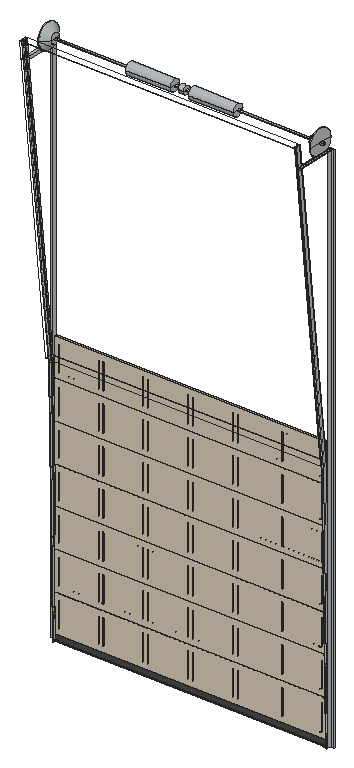
Revit family "Door_Sectional_Clopay_Insulated-VerticalTrack-RaisedPanel", category Doors, host Wall, Revit 2024
Family settings
  Host = Wall
  OmniClass Number = 23.30.10.17.37.14
  OmniClass Title = Sectional Overhead Doors
  Always vertical = Yes
  Cut with Voids When Loaded = No
  Shared = No
  Room Calculation Point = No
Parameters (values of type "ByType")
  intDepth [instance] = (Height + 1' 6") * -1  # -13' - 6"
  Wind Load = ""
  Water Penetration = ""
  Track Offset = 0' - 1"
  Track Material [instance] = Metal - Steel - Clopay - Galvanized
  TorsionWidth = Width + 0' 7"  # 12' - 7"
  Torsion Spring Height above Head [instance] = if(Breakaway Track, 0' 6", 1' 6")  # 0' - 6"
  Sound Transmission Class (STC) = 0
  Revision = "R1_09-2011"
  Rad [instance] = Thickness / 2  # 0' - 0 11/16"
  RO Offset = 0' - 0"
  Panel Type_9 [instance] = Door Panel - Raised : Standard
  Panel Type_8 [instance] = Door Panel - Raised : Standard
  Panel Type_7 [instance] = Door Panel - Raised : Standard
  Panel Type_6 [instance] = Door Panel - Raised : Standard
  Panel Type_5 [instance] = Door Panel - Raised : Standard
  Panel Type_4 [instance] = Door Panel - Raised : Standard
  Panel Type_3 [instance] = Door Panel - Raised : Standard
  Panel Type_2 [instance] = Door Panel - Raised : Standard
  Panel Type_11 [instance] = Door Panel - Raised : Standard
  Panel Type_10 [instance] = Door Panel - Raised : Standard
  Panel Type_1 [instance] = Door Panel - Raised : Standard
  Panel Height = Height / NumPanels  # 1' - 8.57143"
  P9 = NumPanels > 8  # no
  P8 = NumPanels > 7  # no
  P7 = NumPanels > 6  # yes
  P6 = NumPanels > 5  # yes
  P5 = NumPanels > 4  # yes
  P4 = NumPanels > 3  # yes
  P3 = NumPanels > 2  # yes
  P11 = NumPanels > 10  # no
  P10 = NumPanels > 9  # no
  Operator_Jackshaft Right [instance] = no
  Operator_Jackshaft Left [instance] = no
  Opening Width = 12' - 0"
  Opening Height = 12' - 0"
  NumPanels = if(Height < 4' 6", 2, if(Height < 6' 0", 3, if(Height < 7' 6", 4, if(Height < 9' 0", 5, if(Height < 10' 9", 6, if(Height < 12' 6", 7, if(Height < 14' 3", 8, if(Height < 16' 0", 9, if(Height > 17' 9", 10, 11)))))))))  # 7
  Maximum Size = "Consult Clopay Specifications & Shop Drawings"
  Lock Right [instance] = no
  Lock Left [instance] = no
  Jackshaft Offset [instance] = 0' - 5"
  Hardware Finish = Metal - Steel - Clopay - Galvanized
  Function = Interior
  Frame Finish = Metal - Steel - Clopay - Stucco Emboss - Tan
  Double Torsion Shaft [instance] = no
  Door Width = Opening Width + (Track Offset * 2)  # 12' - 2"
  Door Height = Opening Height  # 12' - 0"
  Door Glazing = Glass - Insulated - Clopay - Clear Tempered
  DblWidth = TorsionWidth + 1' 0"  # 13' - 7"
  Building Code Conformance = ""
  Breakaway Track [instance] = yes
  Bottom Astragal Material [instance] = Rubber - Clopay - Black
  Bottom Astragal Height [instance] = 0' - 3 1/2"
  Air Infiltration = ""
  ASTM Conformance = ""
  Panel Width [instance] = Width + (Track Offset * 2)  # 12' - 2"
  Panel Material = Metal - Steel - Clopay - Stucco Emboss - Tan
  Manufacturer Phone = "513-770-4800 "
  Warranty Duration (Years) = 0
  URL = "http://www.clopaydoor.com/"
  Thickness = 0' - 1 3/8"
  Test Data = ""
  Specification = "http://www.arcat.com/sd/clients/clopay.html?coid=31487"
  SpecWizard = "http://www.arcat.com/specwizard/clients/clopay.html?coid=31487"
  Send Message = "http://www.clopaydoor.com/"
  Sales Information = "http://www.clopaydoor.com/contact-us.aspx"
  Rough Width = (Width + (RO Offset * 2))  # 12' - 0"
  Rough Height = (Height + (RO Offset))  # 12' - 0"
  R_Value = 0
  Product Properties = ""
  Product Data = "http://www.arcat.com/arcatcos/cos31/arc31487.html?isac=1&r=1"
  Manufacturer Website = "http://www.arcat.com/users.pl?action=UserEmail&company=Clopay%20Building%20Products%20Company&coid=31487&rep=114&fax=513-770-3519&mf="
  Manufacturer Phone - Toll Free = "800-526-4301 "
  Manufacturer Fax = "513-770-3519"
  Manufacturer Address = "8585 Duke Blvd. Mason, OH 45040-3101"
  Maintenance Schedule (Months) = 0
  Installation-Fabrication = ""
  Installation Phase = ""
  Green Building-LEED = "http://www.arcat.com/green/clients/leed_data_31487.html"
  Model = "As Specified"
  Manufacturer = "Clopay Building Products Company"
  Keynote = "08360"
  Height = Opening Height  # 12' - 0"
  Wall Closure = By host
  Width = Opening Width  # 12' - 0"
  Fire Rating = ""
  Expected Lifespan (Years) = 0
  Drawn By = "Sumex Design, Inc. / Robert S. Weygant, CSI, CDT, SCIP"
  Description = "Clopay Overhead Door as Specified"
  Copyright = "©Arcat Inc."
  Construction Details = "http://www.arcat.com/details/clopay/clopay.html?coid=31487"
  Building Codes = ""
  Assembly Code = "B2030410"
  ADA Compliant = yes
  AAMA Designation = ""
  3" Track [instance] = no
Reference planes (in)
  plane 1 "Center (Front/Back)": y = -34.08725
  plane 2 "Center (Left/Right)": x = 64.28704
  plane 3: z = 0
  plane 4 "Right": x = 136.28704
  plane 5 "Left": x = -7.71296
  plane 6: z = 0
  plane 7 "Top of Frame": z = 144
  plane 8 "RO Top": z = 144
  plane 9 "RO Right": x = 136.28704
  plane 10 "RO Left": x = -7.71296
  plane 11 "Exterior Wall Face": y = -31.08725
  plane 12 "Interior Wall Face": y = -37.08725
  plane 13: x = -8.71296
  plane 14: x = 137.28704
  plane 15: z = 24.07143
  plane 16: z = 44.64286
  plane 17: z = 65.21429
  plane 18: z = 85.78571
  plane 19: z = 106.35714
  plane 20: z = 126.92857
  plane 21: z = 147.5
  plane 22: y = -37.58725
  plane 23: z = 3.5
  plane 24: y = -38.96225
  plane 25: z = 288
  plane 26: z = 168.07143
  plane 27: z = 188.64286
  plane 28: z = 209.21429
  plane 29: z = 294
  plane 30: z = 306
  plane 31: x = -12.71296
  plane 32: x = 141.28704
  plane 33: z = 297
Forms (in)
  Extrusion 1, solid, material "Rubber - Clopay - Black" <- "Bottom Astragal Material"
    sketch origin (-8.71296, -26.43241, 48) x (0, 1, 0) y (0, 0, 1)
      loop
        line (-11.15484, -44.5) -> (-12.52984, -44.5) -> (-12.52984, -47.3125)
        arc (-12.52984, -47.3125) -> (-11.84234, -48) -> (-11.15484, -47.3125) r 0.6875
        line (-11.15484, -47.3125) -> (-11.15484, -44.5)
    from 0 to 146
  Extrusion 2, solid, material "Metal - Steel - Clopay - Galvanized" <- "Hardware Finish", visible <- "Lock Left"
    sketch origin (-270, -38.96225, -0.15636) x (0, 0, -1) y (-1, 0, 0)
      loop
        line (-39.15636, -263.35085) -> (-39.15636, -267.35085) -> (-36.15636, -267.35085) -> (-36.15636, -263.35085) -> (-39.15636, -263.35085)
    from 0 to -1.5
  Extrusion 3, solid, material "Metal - Steel - Clopay - Galvanized" <- "Hardware Finish", visible <- "Lock Right"
    sketch origin (398.57407, -38.96225, -0.15636) x (0, 0, -1) y (-1, 0, 0)
      loop
        line (-39.15636, 263.35085) -> (-36.15636, 263.35085) -> (-36.15636, 267.35085) -> (-39.15636, 267.35085) -> (-39.15636, 263.35085)
    from 0 to -1.5
  Extrusion 4, solid
    sketch origin (138.28704, -59.98895, 299.04277) x (0, 0.994163, 0.107886) y (-1, 0, 0)
      loop
        line (2.98478, 0) -> (2.98478, 148) -> (-1, 148) -> (-1, 0) -> (2.98478, 0)
    from 0 to -162 <- "intDepth"
Lines and regions (in)
  Opening 1
    outline origin (-109.33485, -37.08725, 0) x (1, 0, 0) y (0, 0, 1)
      loop
        line (101.62189, 0) -> (245.62189, 0) -> (245.62189, 144) -> (101.62189, 144) -> (101.62189, 0)
Text (in)
  text "Exterior" at (50.54558, 62.1328, 0), in view "A101 - Plan View"
  text "Interior" at (50.54558, -116.72319, 0), in view "A101 - Plan View"
  text "Exterior" at (0, -17.98638, 123.01588), in view "Right"
  text "Interior" at (0, -64.39139, 123.01588), in view "Right"
  text "Interior" at (0, -52.09468, 121.14095), in view "Left"
  text "Exterior" at (0, 26.35325, 123.00693), in view "Left"
Dimensions and locks (in)
  equal spacing: plane 4 "Right", plane 2 "Center (Left/Right)", plane 5 "Left"
  "Width": plane 5 "Left" to plane 4 "Right"
  "Height": level to plane 7 "Top of Frame"
  "RO Offset": plane 5 "Left" to plane 10 "RO Left"
  "RO Offset": plane 9 "RO Right" to plane 4 "Right"
  "RO Offset": plane 8 "RO Top" to plane 7 "Top of Frame"
  "Track Offset": plane 9 "RO Right" to plane 14
  "Track Offset": plane 13 to plane 5 "Left"
  locked: nested 3 to plane 12 "Interior Wall Face" at 6
  "Panel Height": plane 23 to plane 15
  "Panel Height": plane 15 to plane 16
  "Panel Height": plane 16 to plane 17
  "Panel Height": plane 17 to plane 18
  "Panel Height": plane 18 to plane 19
  "Panel Height": plane 19 to plane 20
  "Panel Height": plane 20 to plane 21
  locked: plane 12 "Interior Wall Face" to plane 22 at 0.5
  "Bottom Astragal Height": level to plane 23
  "Thickness": plane 22 to plane 24
  "Rad": Extrusion 1 sketch curve to level
  Extrusion 2 sketch curve to Extrusion 2 sketch curve to level = 0' - 3" locked, 3' - 0" locked
  Extrusion 3 sketch curve to Extrusion 3 sketch curve to level = 0' - 3" locked, 3' - 0" locked
  "Height": plane 25 to plane 8 "RO Top"
  "Torsion Spring Height above Head": plane 29 to plane 25
  "Panel Height": plane 21 to plane 26
  "Panel Height": plane 26 to plane 27
  "Panel Height": plane 27 to plane 28
  locked: plane 30 to plane 29 at 12
  locked: plane 12 "Interior Wall Face" to nested 15 at 6
  Extrusion 4 sketch curve to Extrusion 4 sketch curve = 0' - 3.98478"
  locked: plane 4 "Right" to Extrusion 4 sketch curve at 2
  locked: Extrusion 4 sketch curve to plane 5 "Left" at 2
  locked: plane 33 to plane 29 at 3
  "Jackshaft Offset": plane 5 "Left" to plane 31
  "Jackshaft Offset": plane 32 to plane 4 "Right"
  "Rad": radius of Extrusion 1 sketch curve
  aligned and locked: host wall to plane 1 "Center (Front/Back)"
  aligned and locked: Opening 1 sketch curve to level
  aligned and locked: plane 9 "RO Right" to Opening 1 sketch curve
  aligned and locked: plane 10 "RO Left" to Opening 1 sketch curve
  aligned and locked: Opening 1 sketch curve to plane 8 "RO Top"
  aligned and locked: host wall to plane 11 "Exterior Wall Face"
  aligned and locked: host wall to plane 12 "Interior Wall Face"
  aligned and locked: nested 1 to plane 13
  aligned and locked: nested 1 to plane 12 "Interior Wall Face"
  aligned and locked: nested 2 to plane 14
  aligned and locked: nested 2 to plane 12 "Interior Wall Face"
  aligned and locked: plane 2 "Center (Left/Right)" to nested 3
  aligned and locked: plane 2 "Center (Left/Right)" to nested 4
  aligned and locked: plane 15 to nested 5
  aligned and locked: plane 16 to nested 6
  aligned and locked: plane 17 to nested 7
  aligned and locked: plane 18 to nested 8
  aligned and locked: plane 19 to nested 9
  aligned and locked: plane 20 to nested 10
  aligned and locked: plane 21 to nested 11
  aligned and locked: plane 23 to nested 4
  aligned and locked: plane 14 to Extrusion 1
  aligned and locked: plane 26 to nested 12
  aligned and locked: plane 27 to nested 13
  aligned and locked: plane 22 to nested 4
  aligned and locked: plane 22 to nested 5
  aligned and locked: plane 22 to nested 6
  aligned and locked: plane 22 to nested 7
  aligned and locked: plane 22 to nested 8
  aligned and locked: plane 22 to nested 9
  aligned and locked: plane 22 to nested 10
  aligned and locked: plane 22 to nested 11
  aligned and locked: nested 12 to plane 22
  aligned and locked: nested 13 to plane 22
  aligned and locked: nested 14 to plane 2 "Center (Left/Right)"
  aligned and locked: nested 14 to plane 28
  aligned and locked: nested 14 to plane 24
  aligned and locked: plane 30 to nested 15
  aligned and locked: plane 29 to nested 3
  aligned and locked: plane 32 to nested 17
  aligned and locked: plane 33 to nested 17
  aligned and locked: plane 33 to nested 16
  aligned and locked: plane 31 to nested 16
Automatic sketch dimensions
  Extrusion 2 sketch curve to plane 5 "Left" = 0' - 5.06381"
  Extrusion 2 sketch curve to plane 5 "Left" = 0' - 1.06381"
  plane 4 "Right" to Extrusion 3 sketch curve = 0' - 1.06381"
  Extrusion 3 sketch curve to Extrusion 3 sketch curve = 0' - 4"
  Extrusion 1 sketch curve to plane 23 = 0' - 0"
  Extrusion 1 sketch curve to plane 24 = 0' - 0"
  nested 2 to Extrusion 4 sketch curve = 0' - 2 15/16"
Nested families (in)
  nested 1: "Track_SectionalDoor_Clopay_Vertical" at (-8.71296, -47.9957, 0), Opening Height <- "Height", Track Material <- "Track Material", 3" Track <- "3" Track", Breakaway <- "Breakaway Track", type "ByType"
    with sptLegth 1' - 9.43686", VertSlope 1.19349°, Vert Travel 0' - 6 1/4", Vert Overall 0' - 8 5/8", TrackHeight 25' - 0", Track Material Metal - Steel - Clopay - Galvanized, TopLength 13' - 8", Opening Height 12' - 0", Breakaway Angle 5.00°, Breakaway yes, BreakOffset 1' - 4.60353", BaseOffset 0' - 2.83333", 3" Track no
  nested 2: "Track_SectionalDoor_Clopay_Vertical" at (137.28704, -47.9957, 0) x (-1, 0, 0) z (0, 0, 1), Opening Height <- "Height", Track Material <- "Track Material", 3" Track <- "3" Track", Breakaway <- "Breakaway Track", type "ByType"
    with sptLegth 1' - 9.43686", VertSlope 1.19349°, Vert Travel 0' - 6 1/4", Vert Overall 0' - 8 5/8", TrackHeight 25' - 0", Track Material Metal - Steel - Clopay - Galvanized, TopLength 13' - 8", Opening Height 12' - 0", Breakaway Angle 5.00°, Breakaway yes, BreakOffset 1' - 4.60353", BaseOffset 0' - 2.83333", 3" Track no
  nested 3: "TorsionAssembly_Vlift" at (64.28704, -43.08725, 294), Material <- "Track Material", Unit Width <- "TorsionWidth", type "Vertical Lift"
    with offset 0' - 0", Unit Width 12' - 7", Material Metal - Steel - Clopay - Galvanized, End Extension 0' - 0"
  nested 4: "Door Panel - Raised" at (64.28704, -38.27475, 3.5), Material - Trim <- "Frame Finish", Material - Panel <- "Panel Material", Glass Type <- "Door Glazing", Unit Width <- "Panel Width", Unit Depth <- "Thickness", type <- "Panel Type_1", Unit Height <- "Panel Height", type "Standard"
    with Void Offset 0' - 0 1/8", Unit Width 12' - 2", Unit Height 1' - 8.57143", Unit Depth 0' - 1 3/8", TB Height 0' - 3.28571", Standard yes, SingleWindow no, Side Width 0' - 2", Panels 6, Panel Width 1' - 9 1/2", Panel Height 1' - 2", Ofst 0' - 0 1/8", MultiWindow yes, Material - Trim Metal - Steel - Clopay - Stucco Emboss - Tan, Material - Panel Metal - Steel - Clopay - Stucco Emboss - Tan, Horizontal Offset 1' - 0", Glass Type Glass - Insulated - Clopay - Clear Tempered, Divs 5, DivWidth 0' - 2 1/2", DivSpace 2' - 0 3/4", DivHeight 1' - 2", Div Actual 5
  nested 5: "Door Panel - Raised" at (64.28704, -38.27475, 24.07143), Material - Trim <- "Frame Finish", Material - Panel <- "Panel Material", Glass Type <- "Door Glazing", Unit Width <- "Panel Width", Unit Depth <- "Thickness", type <- "Panel Type_2", Unit Height <- "Panel Height", type "Standard"
    with Void Offset 0' - 0 1/8", Unit Width 12' - 2", Unit Height 1' - 8.57143", Unit Depth 0' - 1 3/8", TB Height 0' - 3.28571", Standard yes, SingleWindow no, Side Width 0' - 2", Panels 6, Panel Width 1' - 9 1/2", Panel Height 1' - 2", Ofst 0' - 0 1/8", MultiWindow yes, Material - Trim Metal - Steel - Clopay - Stucco Emboss - Tan, Material - Panel Metal - Steel - Clopay - Stucco Emboss - Tan, Horizontal Offset 1' - 0", Glass Type Glass - Insulated - Clopay - Clear Tempered, Divs 5, DivWidth 0' - 2 1/2", DivSpace 2' - 0 3/4", DivHeight 1' - 2", Div Actual 5
  nested 6: "Door Panel - Raised" at (64.28704, -38.27475, 44.64286), Material - Trim <- "Frame Finish", Material - Panel <- "Panel Material", Glass Type <- "Door Glazing", Unit Width <- "Panel Width", Unit Depth <- "Thickness", type <- "Panel Type_3", visible <- "P3", Unit Height <- "Panel Height", type "Standard"
    with Void Offset 0' - 0 1/8", Unit Width 12' - 2", Unit Height 1' - 8.57143", Unit Depth 0' - 1 3/8", TB Height 0' - 3.28571", Standard yes, SingleWindow no, Side Width 0' - 2", Panels 6, Panel Width 1' - 9 1/2", Panel Height 1' - 2", Ofst 0' - 0 1/8", MultiWindow yes, Material - Trim Metal - Steel - Clopay - Stucco Emboss - Tan, Material - Panel Metal - Steel - Clopay - Stucco Emboss - Tan, Horizontal Offset 1' - 0", Glass Type Glass - Insulated - Clopay - Clear Tempered, Divs 5, DivWidth 0' - 2 1/2", DivSpace 2' - 0 3/4", DivHeight 1' - 2", Div Actual 5
  nested 7: "Door Panel - Raised" at (64.28704, -38.27475, 65.21429), Material - Panel <- "Panel Material", Glass Type <- "Door Glazing", Unit Width <- "Panel Width", Unit Depth <- "Thickness", visible <- "P4", type <- "Panel Type_4", Material - Trim <- "Panel Material", Unit Height <- "Panel Height", type "Standard"
    with Void Offset 0' - 0 1/8", Unit Width 12' - 2", Unit Height 1' - 8.57143", Unit Depth 0' - 1 3/8", TB Height 0' - 3.28571", Standard yes, SingleWindow no, Side Width 0' - 2", Panels 6, Panel Width 1' - 9 1/2", Panel Height 1' - 2", Ofst 0' - 0 1/8", MultiWindow yes, Material - Trim Metal - Steel - Clopay - Stucco Emboss - Tan, Material - Panel Metal - Steel - Clopay - Stucco Emboss - Tan, Horizontal Offset 1' - 0", Glass Type Glass - Insulated - Clopay - Clear Tempered, Divs 5, DivWidth 0' - 2 1/2", DivSpace 2' - 0 3/4", DivHeight 1' - 2", Div Actual 5
  nested 8: "Door Panel - Raised" at (64.28704, -38.27475, 85.78571), Material - Trim <- "Frame Finish", Material - Panel <- "Panel Material", Glass Type <- "Door Glazing", Unit Width <- "Panel Width", Unit Depth <- "Thickness", visible <- "P5", type <- "Panel Type_5", Unit Height <- "Panel Height", type "Standard"
    with Void Offset 0' - 0 1/8", Unit Width 12' - 2", Unit Height 1' - 8.57143", Unit Depth 0' - 1 3/8", TB Height 0' - 3.28571", Standard yes, SingleWindow no, Side Width 0' - 2", Panels 6, Panel Width 1' - 9 1/2", Panel Height 1' - 2", Ofst 0' - 0 1/8", MultiWindow yes, Material - Trim Metal - Steel - Clopay - Stucco Emboss - Tan, Material - Panel Metal - Steel - Clopay - Stucco Emboss - Tan, Horizontal Offset 1' - 0", Glass Type Glass - Insulated - Clopay - Clear Tempered, Divs 5, DivWidth 0' - 2 1/2", DivSpace 2' - 0 3/4", DivHeight 1' - 2", Div Actual 5
  nested 9: "Door Panel - Raised" at (64.28704, -38.27475, 106.35714), Material - Trim <- "Frame Finish", Material - Panel <- "Panel Material", Glass Type <- "Door Glazing", Unit Width <- "Panel Width", Unit Depth <- "Thickness", visible <- "P6", type <- "Panel Type_6", Unit Height <- "Panel Height", type "Standard"
    with Void Offset 0' - 0 1/8", Unit Width 12' - 2", Unit Height 1' - 8.57143", Unit Depth 0' - 1 3/8", TB Height 0' - 3.28571", Standard yes, SingleWindow no, Side Width 0' - 2", Panels 6, Panel Width 1' - 9 1/2", Panel Height 1' - 2", Ofst 0' - 0 1/8", MultiWindow yes, Material - Trim Metal - Steel - Clopay - Stucco Emboss - Tan, Material - Panel Metal - Steel - Clopay - Stucco Emboss - Tan, Horizontal Offset 1' - 0", Glass Type Glass - Insulated - Clopay - Clear Tempered, Divs 5, DivWidth 0' - 2 1/2", DivSpace 2' - 0 3/4", DivHeight 1' - 2", Div Actual 5
  nested 10: "Door Panel - Raised" at (64.28704, -38.27475, 126.92857), Material - Trim <- "Frame Finish", Material - Panel <- "Panel Material", Glass Type <- "Door Glazing", Unit Width <- "Panel Width", Unit Depth <- "Thickness", visible <- "P7", type <- "Panel Type_7", Unit Height <- "Panel Height", type "Standard"
    with Void Offset 0' - 0 1/8", Unit Width 12' - 2", Unit Height 1' - 8.57143", Unit Depth 0' - 1 3/8", TB Height 0' - 3.28571", Standard yes, SingleWindow no, Side Width 0' - 2", Panels 6, Panel Width 1' - 9 1/2", Panel Height 1' - 2", Ofst 0' - 0 1/8", MultiWindow yes, Material - Trim Metal - Steel - Clopay - Stucco Emboss - Tan, Material - Panel Metal - Steel - Clopay - Stucco Emboss - Tan, Horizontal Offset 1' - 0", Glass Type Glass - Insulated - Clopay - Clear Tempered, Divs 5, DivWidth 0' - 2 1/2", DivSpace 2' - 0 3/4", DivHeight 1' - 2", Div Actual 5
  nested 11: "Door Panel - Raised" at (64.28704, -38.27475, 147.5), Material - Trim <- "Frame Finish", Material - Panel <- "Panel Material", Glass Type <- "Door Glazing", Unit Width <- "Panel Width", Unit Depth <- "Thickness", visible <- "P8", type <- "Panel Type_8", Unit Height <- "Panel Height", type "Standard"
    with Void Offset 0' - 0 1/8", Unit Width 12' - 2", Unit Height 1' - 8.57143", Unit Depth 0' - 1 3/8", TB Height 0' - 3.28571", Standard yes, SingleWindow no, Side Width 0' - 2", Panels 6, Panel Width 1' - 9 1/2", Panel Height 1' - 2", Ofst 0' - 0 1/8", MultiWindow yes, Material - Trim Metal - Steel - Clopay - Stucco Emboss - Tan, Material - Panel Metal - Steel - Clopay - Stucco Emboss - Tan, Horizontal Offset 1' - 0", Glass Type Glass - Insulated - Clopay - Clear Tempered, Divs 5, DivWidth 0' - 2 1/2", DivSpace 2' - 0 3/4", DivHeight 1' - 2", Div Actual 5
  nested 12: "Door Panel - Raised" at (64.28704, -38.27475, 168.07143), Material - Trim <- "Frame Finish", Material - Panel <- "Panel Material", Glass Type <- "Door Glazing", Unit Width <- "Panel Width", Unit Depth <- "Thickness", visible <- "P9", type <- "Panel Type_9", Unit Height <- "Panel Height", type "Standard"
    with Void Offset 0' - 0 1/8", Unit Width 12' - 2", Unit Height 1' - 8.57143", Unit Depth 0' - 1 3/8", TB Height 0' - 3.28571", Standard yes, SingleWindow no, Side Width 0' - 2", Panels 6, Panel Width 1' - 9 1/2", Panel Height 1' - 2", Ofst 0' - 0 1/8", MultiWindow yes, Material - Trim Metal - Steel - Clopay - Stucco Emboss - Tan, Material - Panel Metal - Steel - Clopay - Stucco Emboss - Tan, Horizontal Offset 1' - 0", Glass Type Glass - Insulated - Clopay - Clear Tempered, Divs 5, DivWidth 0' - 2 1/2", DivSpace 2' - 0 3/4", DivHeight 1' - 2", Div Actual 5
  nested 13: "Door Panel - Raised" at (64.28704, -38.27475, 188.64286), Material - Trim <- "Frame Finish", Material - Panel <- "Panel Material", Glass Type <- "Door Glazing", Unit Width <- "Panel Width", Unit Depth <- "Thickness", visible <- "P10", type <- "Panel Type_10", Unit Height <- "Panel Height", type "Standard"
    with Void Offset 0' - 0 1/8", Unit Width 12' - 2", Unit Height 1' - 8.57143", Unit Depth 0' - 1 3/8", TB Height 0' - 3.28571", Standard yes, SingleWindow no, Side Width 0' - 2", Panels 6, Panel Width 1' - 9 1/2", Panel Height 1' - 2", Ofst 0' - 0 1/8", MultiWindow yes, Material - Trim Metal - Steel - Clopay - Stucco Emboss - Tan, Material - Panel Metal - Steel - Clopay - Stucco Emboss - Tan, Horizontal Offset 1' - 0", Glass Type Glass - Insulated - Clopay - Clear Tempered, Divs 5, DivWidth 0' - 2 1/2", DivSpace 2' - 0 3/4", DivHeight 1' - 2", Div Actual 5
  nested 14: "Door Panel - Raised" at (64.28704, -38.27475, 209.21429), Material - Trim <- "Frame Finish", Material - Panel <- "Panel Material", Glass Type <- "Door Glazing", Unit Width <- "Panel Width", Unit Depth <- "Thickness", visible <- "P11", type <- "Panel Type_11", Unit Height <- "Panel Height", type "Standard"
    with Void Offset 0' - 0 1/8", Unit Width 12' - 2", Unit Height 1' - 8.57143", Unit Depth 0' - 1 3/8", TB Height 0' - 3.28571", Standard yes, SingleWindow no, Side Width 0' - 2", Panels 6, Panel Width 1' - 9 1/2", Panel Height 1' - 2", Ofst 0' - 0 1/8", MultiWindow yes, Material - Trim Metal - Steel - Clopay - Stucco Emboss - Tan, Material - Panel Metal - Steel - Clopay - Stucco Emboss - Tan, Horizontal Offset 1' - 0", Glass Type Glass - Insulated - Clopay - Clear Tempered, Divs 5, DivWidth 0' - 2 1/2", DivSpace 2' - 0 3/4", DivHeight 1' - 2", Div Actual 5
  nested 15: "TorsionAssembly_Vlift" at (64.28704, -43.08725, 306), Material <- "Track Material", Unit Width <- "DblWidth", visible <- "Double Torsion Shaft", type "Vertical Lift"
    with offset 0' - 0", Unit Width 13' - 7", Material Metal - Steel - Clopay - Galvanized, End Extension 0' - 6"
  nested 16: "Opener" at (-18.71296, -37.08725, 285) x (1, 0, 0) z (0, -1, 0), Material <- "Hardware Finish", visible <- "Operator_Jackshaft Left", type "Jackshaft"
    with offset 0' - 0", Material Metal - Steel - Clopay - Galvanized, Unit Width 1' - 0", Unit Depth 1' - 0"
  nested 17: "Opener" at (147.28704, -37.08725, 285) x (1, 0, 0) z (0, -1, 0), Material <- "Hardware Finish", visible <- "Operator_Jackshaft Right", type "Jackshaft"
    with offset 0' - 0", Material Metal - Steel - Clopay - Galvanized, Unit Width 1' - 0", Unit Depth 1' - 0"
Definition of nested family "Track_SectionalDoor_Clopay_Vertical"
  Parameters
    sptLegth [instance] = BaseOffset + BreakOffset + 0' 2"  # 1' - 6.33239"
    Width = 0' - 0"
    Warranty Duration (Years) = 0
    VertSlope [instance] = atan(0.25 / 12)  # 1.19349°
    Vert Travel [instance] = (TrackHeight) * tan(VertSlope)  # 0' - 5 1/4"
    Vert Overall [instance] = Vert Travel + 0' 2 3/8"  # 0' - 7 5/8"
    URL = "http://www.clopaydoor.com/"
    TrackHeight [instance] = TopLength + (Opening Height - 0' 8")  # 21' - 0"
    Track Material [instance] = none
    TopLength [instance] = if(Breakaway Angle = 0.00°, Opening Height + 0' 8" + 0' 1", Opening Height + 0' 8" + 1' 0")  # 11' - 8"
    Thickness = 0' - 0"
    Specification = "http://www.arcat.com/sd/clients/clopay.html?coid=31487"
    SpecWizard = "http://www.arcat.com/specwizard/clients/clopay.html?coid=31487"
    Send Message = "http://www.arcat.com/users.pl?action=UserEmail&company=Clopay%20Building%20Products%20Company&coid=31487&rep=114&fax=513-770-3519&mf="
    Sales Information = "http://www.clopaydoor.com/contact-us.aspx"
    Revision = "R1_09-2011"
    Product Properties = ""
    Product Data = "http://www.arcat.com/arcatcos/cos31/arc31487.html?isac=1&r=1"
    Opening Height [instance] = 10' - 0"
    Model = "As Specified"
    Manufacturer Website = "http://www.clopaydoor.com/"
    Manufacturer Phone - Toll Free = "800-526-4301"
    Manufacturer Phone = "513-770-4800"
    Manufacturer Fax = "513-770-3519"
    Manufacturer Address = "8585 Duke Blvd. Manson, OH 45040-3101"
    Manufacturer = "Clopay Building Products Company"
    Maintenance Schedule (Months) = 0
    Keynote = "08360"
    Installation-Fabrication = ""
    Installation Phase = ""
    Height = 0' - 0"
    Green Building-LEED = "http://www.arcat.com/green/clients/leed_data_31487.html"
    Expected Lifespan (Years) = 0
    Drawn By = "Sumex Design, Inc. / Robert S. Weygant, CSI, CDT, SCIP"
    Description = "Clopay Door as Specified"
    Copyright = "©Arcat Inc."
    Construction Details = "http://www.arcat.com/details/clopay/clopay.html?coid=31487"
    Breakaway Angle [instance] = if(Breakaway, 5.00°, 0.00°)  # 5.00°
    Breakaway [instance] = yes
    BreakOffset [instance] = (TrackHeight - 0' 11" - Opening Height + 0' 8") * tan(VertSlope + Breakaway Angle)  # 1' - 1.99905"
    BaseOffset [instance] = (Opening Height - 0' 8") * tan(VertSlope)  # 0' - 2.33333"
    3" Track [instance] = no
    Assembly Code = "B2030410"
  Reference planes (in)
    plane 1 "Center (Front/Back)": y = 10.90846
    plane 2: z = 0
    plane 3 "Center (Left/Right)": x = 0
    plane 4: z = 0
    plane 5: z = 0
    plane 6: z = 0
    plane 7: z = 0
    plane 8: z = 0
    plane 9: y = 3.28346
    plane 10 "Bracket": x = -1
    plane 11: z = 120
    plane 12: z = 252
    plane 13: y = 8.53346
    plane 14: z = 112
  Forms (in)
    Sweep 1, solid, material <- "Track Material"
      path origin (-1, 4.05509, 48) x (0, 1, 0) y (0, 0, 1)
        loop
          line (4.47835, -47.99915) -> (2.14503, 64) -> (-12.95906, 203.18285)
      profile "P_Track : P_Track" origin (-1, 7.36678, 56.00043) x (0, -0.999783, -0.020829) y (1, 0, 0)
        loop
          line (-2, 1) -> (-2, 0) -> (-0.62484, 0) -> (-0.20263, 0.18798)
          arc (-0.20263, 0.18798) -> (0, 0.5) -> (-0.20263, 0.81202) r 0.34155
          line (-0.20263, 0.81202) -> (-0.48052, 0.93574) -> (-0.50594, 0.87865) -> (-0.22805, 0.75492)
          arc (-0.22805, 0.75492) -> (-0.0625, 0.5) -> (-0.22805, 0.24508) r 0.27905
          line (-0.22805, 0.24508) -> (-0.63812, 0.0625) -> (-1.9375, 0.0625) -> (-1.9375, 1) -> (-2, 1)
    Extrusion 2, solid, material <- "Track Material"
      sketch origin (0, 0, 0) x (1, 0, 0) y (0, 1, 0)
        loop
          line (-1, 10.90846) -> (-3.25, 10.90846) -> (-3.25, 10.78346) -> (-1.125, 10.78346) -> (-1.125, 9.28346) -> (-1, 9.28346) -> (-1, 10.90846)
      from 0 to 241
    Sweep 3, solid, material <- "Track Material"
      path origin (-1, 4.05509, 48) x (0, 1, 0) y (0, 0, 1)
        loop
          line (-11.47902, 193) -> (6.72837, 193)
      profile origin (-1, 1.67976, 241) x (0, 0, 1) y (1, 0, 0)
        loop
          line (0, 0) -> (-1.48699, 0) -> (-1.48699, -0.125) -> (-0.11199, -0.125) -> (-0.11199, -1.5) -> (0, -1.5) -> (0, 0)
  Lines and regions (in)
    reference lines
      curve 1: line (-1, 8.53346, 0) -> (-1, 5.57576, 141.96919)
      curve 2: line (-1, 6.20012, 112) -> (-1, 0.48214, 164.69065)
      curve 3: line (-1, 6.20012, 112) -> (-1, 4.2118, 111.78423)
  Dimensions and locks (in)
    equal spacing: plane 4, plane 5, plane 6, plane 7, plane 8, level
    "Height": plane 4 to level
    locked: plane 10 "Bracket" to plane 3 "Center (Left/Right)" at 1
    "Opening Height": plane 11 to level
    "Vert Overall": plane 1 "Center (Front/Back)" to plane 9
    locked: plane 13 to plane 1 "Center (Front/Back)" at 2.375
    locked: plane 12 to Extrusion 2 at 11
    "TrackHeight": plane 12 to level
    locked: plane 12 to Sweep 3 sketch curve at 11
    locked: plane 11 to plane 14 at 8
    "TopLength": curve 3 to Sweep 1 sketch curve
    "sptLegth": plane 1 "Center (Front/Back)" to Sweep 3 sketch curve
    "VertSlope": angle curve 1 to plane 13
    "Breakaway Angle": angle curve 2 to curve 1
    aligned and locked: curve 1 to Sweep 1 sketch curve
    aligned and locked: Sweep 1 sketch curve to curve 2
  Automatic sketch dimensions
    Extrusion 2 sketch curve to plane 1 "Center (Front/Back)" = 0' - 0"
    Extrusion 2 sketch curve to plane 10 "Bracket" = 0' - 0"
    Extrusion 2 sketch curve to Extrusion 2 sketch curve = 0' - 0 1/8"  (x2)
    Extrusion 2 sketch curve to Extrusion 2 sketch curve = 0' - 2 1/8"
    plane 13 to Extrusion 2 sketch curve = 0' - 0 3/4"
    plane 1 "Center (Front/Back)" to Sweep 3 sketch curve = 0' - 0 1/8"
    Sweep 3 sketch curve to plane 10 "Bracket" = 0' - 0"
    Sweep 3 sketch curve to profile plane = 0' - 0"
    profile plane to Sweep 3 sketch curve = 0' - 0.11199"
    Sweep 3 sketch curve to plane 10 "Bracket" = 0' - 0 1/8"
    Sweep 3 sketch curve to Sweep 3 sketch curve = 0' - 1 3/8"  (x2)
    curve 2 to plane 14 = 0' - 0"
    curve 1 to level = 0' - 0"
    curve 1 to plane 13 = 0' - 0"
    Sweep 1 sketch curve to plane 13 = 0' - 0"
    curve 3 to curve 2 = 0' - 0"  (x2)
    curve 2 to curve 3 = 0' - 2"
Definition of nested family "TorsionAssembly_Vlift"
  Parameters
    offset [instance] = 0' - 0"
    Warranty Duration (Years) = 0
    Vertical Lift = yes
    Unit Width [instance] = 12' - 0"
    Unit Height = 0' - 9 1/2"
    Unit Depth = Unit Height  # 0' - 9 1/2"
    URL = "http://www.clopaydoor.com/"
    Standard = no
    Spring Width = 2' - 0"
    Specification = "http://www.arcat.com/sd/clients/clopay.html?coid=31487"
    SpecWizard = "http://www.arcat.com/specwizard/clients/clopay.html?coid=31487"
    Send Message = "http://www.arcat.com/users.pl?action=UserEmail&company=Clopay%20Building%20Products%20Company&coid=31487&rep=114&fax=513-770-3519&mf="
    Sales Information = "http://www.clopaydoor.com/contact-us.aspx"
    Revision = "R1_09-2011"
    Product Properties = ""
    Product Data = "http://www.arcat.com/arcatcos/cos31/arc31487.html?isac=1&r=1"
    Model = "As Specified"
    Material [instance] = none
    Manufacturer Website = "http://www.clopaydoor.com/"
    Manufacturer Phone - Toll Free = "800-526-4301 "
    Manufacturer Phone = "513-770-4800 "
    Manufacturer Fax = "513-770-3519"
    Manufacturer Address = "8585 Duke Blvd. Mason, OH 45040-3101"
    Manufacturer = "Clopay Building Products Company"
    Maintenance Schedule (Months) = 0
    Keynote = "08360"
    Installation-Fabrication = ""
    Installation Phase = ""
    High Lift = no
    Green Building-LEED = "http://www.arcat.com/green/clients/leed_data_31487.html"
    Expected Lifespan (Years) = 0
    End Extension [instance] = 0' - 0"
    Drawn By = "Sumex Design, Inc. / Robert S. Weygant, CSI, CDT, SCIP"
    Description = "Clopay Door as Specified"
    Copyright = "©Arcat Inc."
    Construction Details = "http://www.arcat.com/details/clopay/clopay.html?coid=31487"
    Assembly Code = "B2030410"
  Reference planes (in)
    plane 1 "Center (Front/Back)": y = 0
    plane 2 "Bottom": z = 0
    plane 3 "Center (Left/Right)": x = 0
    plane 4 "Front": y = -4.75
    plane 5 "Back": y = 4.75
    plane 6 "Left": x = -72
    plane 7 "Right": x = 72
    plane 8 "Top": z = 4.75
    plane 9: z = -4.75
    plane 10: x = -5
    plane 11: x = 5
    plane 12: x = -29
    plane 13: x = 29
    plane 14: x = 66
    plane 15: x = -66
  Forms (in)
    Revolve 1, solid, material <- "Material", visible <- "Vertical Lift"
      sketch origin (0, 0, 0) x (1, 0, 0) y (0, 1, 0)
        loop
          line (72, 0) -> (72, 0.5) -> (70, 0.5) -> (70, 6.75) -> (69.5, 6.75) -> (66.33203, 2.5) -> (66, 2.5) -> (66, 0.5) -> (29, 0.5) -> (29, 3) -> (5, 3) -> (5, 0.5) -> (1.375, 0.5) -> (1.375, 2) -> (-1.375, 2) -> (-1.375, 0.5) -> (-5, 0.5) -> (-5, 3) -> (-29, 3) -> (-29, 0.5) -> (-66, 0.5) -> (-66, 2.5) -> (-66.33203, 2.5) -> (-69.5, 6.75) -> (-70, 6.75) -> (-70, 0.5) -> (-72, 0.5) -> (-72, 0) -> (72, 0)
        axis (-72, 0) -> (72, 0)
      angle from 0 to 360
  Dimensions and locks (in)
    equal spacing: plane 6 "Left", plane 3 "Center (Left/Right)", plane 7 "Right"
    "Unit Width": plane 6 "Left" to plane 7 "Right"
    equal spacing: plane 5 "Back", plane 1 "Center (Front/Back)", plane 4 "Front"
    "Unit Depth": plane 5 "Back" to plane 4 "Front"
    equal spacing: plane 8 "Top", level, plane 9
    "Unit Height": plane 8 "Top" to plane 9
    plane 10 to plane 3 "Center (Left/Right)" to plane 11 = 0' - 5" locked, 0' - 5" locked
    "Spring Width": plane 11 to plane 13
    "Spring Width": plane 12 to plane 10
    "End Extension": Revolve 1 sketch curve to plane 6 "Left"
    "End Extension": plane 7 "Right" to Revolve 1 sketch curve
    locked: plane 6 "Left" to plane 15 at 6
    plane 14 to plane 7 "Right" = 0' - 6"
  Automatic sketch dimensions
    Revolve 1 sketch curve to plane 1 "Center (Front/Back)" = 0' - 0"  (x2)
    Revolve 1 sketch curve to plane 15 = 0' - 0"
    Revolve 1 sketch curve to plane 12 = 0' - 0"
    Revolve 1 sketch curve to plane 10 = 0' - 0"
    Revolve 1 sketch curve to plane 11 = 0' - 0"
    Revolve 1 sketch curve to plane 13 = 0' - 0"
    Revolve 1 sketch curve to plane 14 = 0' - 0"
    Revolve 1 sketch curve to Revolve 1 sketch curve = 0' - 9 3/4"
    Revolve 1 sketch curve to plane 1 "Center (Front/Back)" = 0' - 0 1/2"  (x6)
    Revolve 1 sketch curve to plane 3 "Center (Left/Right)" = 0' - 1 3/8"
    plane 3 "Center (Left/Right)" to Revolve 1 sketch curve = 0' - 1 3/8"
    Revolve 1 sketch curve to Revolve 1 sketch curve = 1' - 0 3/4"
    Revolve 1 sketch curve to Revolve 1 sketch curve = 0' - 1 1/2"
    Revolve 1 sketch curve to plane 5 "Back" = 0' - 1 3/4"  (x2)
    Revolve 1 sketch curve to plane 7 "Right" = 0' - 2"
    Revolve 1 sketch curve to plane 14 = 0' - 0 85/256"
    Revolve 1 sketch curve to Revolve 1 sketch curve = 0' - 0 1/2"  (x2)
    Revolve 1 sketch curve to Revolve 1 sketch curve = 0' - 2"  (x2)
    plane 5 "Back" to Revolve 1 sketch curve = 0' - 2"  (x2)
    plane 6 "Left" to Revolve 1 sketch curve = 0' - 2"
    Revolve 1 sketch curve to Revolve 1 sketch curve = 0' - 0 85/256"
Definition of nested family "Door Panel - Raised"
  Parameters
    offset = 0' - 9"
    Warranty Duration (Years) = 0
    Void Offset [instance] = if(Divs > 1, 0' 0 1/8", 0' 2")  # 0' - 0 1/8"
    Vision Panels = no
    TB Height [instance] = (Unit Height - 1' 2") / 2  # 0' - 4"
    Standard [instance] = not(Vision Panels)  # yes
    Side Width [instance] = 0' - 2"
    Panels [instance] = if(Unit Width < 6' 2", 2, if(Unit Width < 8' 0", 3, if(Unit Width < 10' 0", 4, if(Unit Width < 12' 0", 5, if(Unit Width < 14' 0", 6, if(Unit Width < 16' 0", 7, if(Unit Width < 19' 0", 8, if(Unit Width < 20' 0", 9, if(Unit Width < 24' 0", 10, 12)))))))))  # 6
    Panel Width [instance] = 1' - 9 1/2"  # constant formula
    Panel Height [instance] = 1' - 2"  # constant formula
    Ofst [instance] = if(Vision Panels, 0' 0", 0' 0 1/8")  # 0' - 0 1/8"
    Material - Trim [instance] = none
    Horizontal Offset [instance] = (Panel Width / 2) + (DivWidth / 2)  # 1' - 1.6"
    Divs [instance] = Panels - 1  # 5
    DivSpace [instance] = Panel Width + Side Width + (DivWidth / 2)  # 2' - 2.35"
    Div Actual [instance] = if(Divs > 1, Divs, 2)  # 5
    Unit Width [instance] = 13' - 6"
    Unit Height [instance] = 1' - 10"
    Unit Depth [instance] = 0' - 2"
    URL = "http://www.clopaydoor.com/"
    Specification = "http://www.arcat.com/sd/clients/clopay.html?coid=31487"
    SpecWizard = "http://www.arcat.com/specwizard/clients/clopay.html?coid=31487"
    SingleWindow [instance] = Divs = 1  # no
    Send Message = "http://www.arcat.com/users.pl?action=UserEmail&company=Clopay%20Building%20Products%20Company&coid=31487&rep=114&fax=513-770-3519&mf="
    Sales Information = "http://www.clopaydoor.com/contact-us.aspx"
    Revision = "R1_09-2011"
    Product Properties = ""
    Product Data = "http://www.arcat.com/arcatcos/cos31/arc31487.html?isac=1&r=1"
    MultiWindow [instance] = Divs > 1  # yes
    Model = "As Specified"
    Material - Panel [instance] = none
    Manufacturer Website = "http://www.clopaydoor.com/"
    Manufacturer Phone - Toll Free = "800-526-4301 "
    Manufacturer Phone = "513-770-4800 "
    Manufacturer Fax = "513-770-3519"
    Manufacturer Address = "8585 Duke Blvd. Mason, OH 45040-3101"
    Manufacturer = "Clopay Building Products Company"
    Maintenance Schedule (Months) = 0
    Keynote = "08330"
    Installation-Fabrication = ""
    Installation Phase = ""
    Green Building-LEED = "http://www.arcat.com/green/clients/leed_data_31487.html"
    Glass Type [instance] = none
    Expected Lifespan (Years) = 0
    Drawn By = "Sumex Design, Inc. / Robert S. Weygant, CSI, CDT, SCIP"
    DivWidth [instance] = (Unit Width - 0' 4 1/2" - (1' 9 1/2" * Panels)) / Divs  # 0' - 5.7"
    DivHeight [instance] = Unit Height - (TB Height * 2)  # 1' - 2"
    Description = "Clopay Door as Specified"
    Copyright = "©Arcat Inc."
    Construction Details = "http://www.arcat.com/details/clopay/clopay.html?coid=31487"
    Assembly Code = "B2030420"
  Reference planes (in)
    plane 1 "Center (Front/Back)": y = 0
    plane 2 "Bottom": z = 0
    plane 3 "Center (Left/Right)": x = 0
    plane 4 "Front": y = -1
    plane 5 "Back": y = 1
    plane 6 "Left": x = -81
    plane 7 "Right": x = 81
    plane 8 "Top": z = 22
    plane 9: z = 11
    plane 10: x = -54.65
    plane 11: x = 54.65
    plane 12: y = -1.125
    plane 13: x = -79
    plane 14: x = 79
    plane 15: z = 18
    plane 16: z = 4
  Forms (in)
    Sweep 1, solid, material <- "Material - Panel"
      path origin (0, 0, 0) x (1, 0, 0) y (0, 0, 1)
        loop
          line (-81, 22) -> (81, 22)
      profile origin (0, 0, 22) x (0, 0, 1) y (0, -1, 0)
        loop
          line (0, -0.875) -> (0, 1) -> (-4, 1) -> (-4, 0.75) -> (-4.25, 0.75) -> (-4.25, -0.75) -> (-4, -0.75) -> (-4, -0.875) -> (0, -0.875)
    Extrusion 2, solid, material <- "Material - Panel", visible <- "Standard"
      sketch origin (-11.94222, 1, 48) x (-1, 0, 0) y (0, 0, 1)
        loop
          line (69.05778, -26) -> (-92.94222, -26) -> (-92.94222, -48) -> (69.05778, -48) -> (69.05778, -26)
      from 0 to -0.125
    Sweep 3, solid, material <- "Material - Panel"
      path origin (0, 0, 0) x (1, 0, 0) y (0, 0, 1)
        loop
          line (-81, 0) -> (-81, 22)
      profile origin (-81, 0, 11) x (-1, 0, 0) y (0, -1, 0)
        loop
          line (0, -0.875) -> (0, 1) -> (-2, 1) -> (-2, 0.75) -> (-2.25, 0.75) -> (-2.25, -0.75) -> (-2, -0.75) -> (-2, -0.875) -> (0, -0.875)
    Sweep 4, solid, material <- "Material - Panel"
      path origin (0, 0, 0) x (1, 0, 0) y (0, 0, 1)
        loop
          line (-81, 0) -> (81, 0)
      profile origin (0, 0, 0) x (0, 0, 1) y (0, -1, 0)
        loop
          line (0, -0.875) -> (4, -0.875) -> (4, -0.75) -> (4.25, -0.75) -> (4.25, 0.75) -> (4, 0.75) -> (4, 1) -> (0, 1) -> (0, -0.875)
    Sweep 5, solid, material <- "Material - Panel"
      path origin (0, 0, 0) x (1, 0, 0) y (0, 0, 1)
        loop
          line (81, 0) -> (81, 22)
      profile origin (81, 0, 11) x (-1, 0, 0) y (0, -1, 0)
        loop
          line (0, -0.875) -> (2, -0.875) -> (2, -0.75) -> (2.25, -0.75) -> (2.25, 0.75) -> (2, 0.75) -> (2, 1) -> (0, 1) -> (0, -0.875)
  Cuts and joins
    joined: Sweep 1, Sweep 3, Sweep 4, Sweep 5
  Dimensions and locks (in)
    equal spacing: plane 6 "Left", plane 3 "Center (Left/Right)", plane 7 "Right"
    "Unit Width": plane 6 "Left" to plane 7 "Right"
    equal spacing: plane 5 "Back", plane 1 "Center (Front/Back)", plane 4 "Front"
    "Unit Depth": plane 5 "Back" to plane 4 "Front"
    "Unit Height": plane 8 "Top" to level
    equal spacing: plane 8 "Top", plane 9, level
    "DivSpace": plane 10 to plane 6 "Left"
    "DivSpace": plane 7 "Right" to plane 11
    "Void Offset": plane 4 "Front" to plane 12
    locked: plane 5 "Back" to Sweep 1 sketch curve at 0.25
    locked: Sweep 1 sketch curve to plane 4 "Front" at 0.25
    equal spacing: group 1, group 3, group 8, group 10, group 2  (x2)
    equal spacing: group 2, group 10, group 8, group 3, group 1
    equal spacing: group 4, group 6, group 7, group 9, group 11, group 5  (x3)
    "Horizontal Offset": plane 10 to nested 5
    "Horizontal Offset": nested 6 to plane 11
    "Ofst": plane 5 "Back" to Sweep 1 sketch curve
    "Side Width": plane 14 to plane 7 "Right"
    "Side Width": plane 6 "Left" to plane 13
    locked: plane 13 to Sweep 3 sketch curve at 0.25
    locked: Sweep 5 sketch curve to plane 14 at 0.25
    "TB Height": plane 16 to level
    "TB Height": plane 8 "Top" to plane 15
    locked: plane 15 to Sweep 1 sketch curve at 0.25
    locked: Sweep 4 sketch curve to plane 16 at 0.25
    "TB Height": nested 1 to level
    "Ofst": plane 5 "Back" to Sweep 4 sketch curve
    locked: plane 5 "Back" to Sweep 4 sketch curve at 0.25
    locked: Sweep 4 sketch curve to plane 4 "Front" at 0.25
    locked: Sweep 3 sketch curve to plane 4 "Front" at 0.25
    "Ofst": plane 5 "Back" to Sweep 3 sketch curve
    locked: plane 5 "Back" to Sweep 3 sketch curve at 0.25
    locked: Sweep 5 sketch curve to plane 4 "Front" at 0.25
    "Ofst": plane 5 "Back" to Sweep 5 sketch curve
    locked: plane 5 "Back" to Sweep 5 sketch curve at 0.25
    aligned and locked: plane 4 "Front" to Sweep 1 sketch curve
    aligned and locked: plane 10 to nested 2
    aligned and locked: plane 11 to nested 3
    aligned and locked: plane 1 "Center (Front/Back)" to nested 3
    aligned and locked: plane 1 "Center (Front/Back)" to nested 2
    aligned and locked: plane 1 "Center (Front/Back)" to nested 1
    aligned and locked: plane 3 "Center (Left/Right)" to nested 1
    aligned and locked: plane 9 to nested 5
    aligned and locked: nested 6 to plane 9
    aligned and locked: nested 5 to plane 1 "Center (Front/Back)"
    aligned and locked: plane 1 "Center (Front/Back)" to nested 6
    aligned and locked: Sweep 3 sketch curve to plane 13
    aligned and locked: plane 13 to Sweep 3 sketch curve
    aligned and locked: plane 14 to Sweep 5 sketch curve
    aligned and locked: Sweep 5 sketch curve to plane 14
    aligned and locked: Sweep 1 sketch curve to plane 15
    aligned and locked: plane 16 to Sweep 4 sketch curve
    aligned and locked: Sweep 4 sketch curve to plane 16
    aligned and locked: plane 16 to nested 3
    aligned and locked: plane 16 to nested 2
    aligned and locked: Sweep 4 sketch curve to plane 4 "Front"
    aligned and locked: Sweep 3 sketch curve to plane 4 "Front"
    aligned and locked: Sweep 5 sketch curve to plane 4 "Front"
  Automatic sketch dimensions
    Extrusion 2 sketch curve to plane 7 "Right" = 0' - 0"
    Extrusion 2 sketch curve to level = 0' - 0"
    Extrusion 2 sketch curve to plane 6 "Left" = 0' - 0"
    Extrusion 2 sketch curve to plane 8 "Top" = 0' - 0"
    Sweep 1 sketch curve to plane 6 "Left" = 0' - 0"
    Sweep 1 sketch curve to plane 7 "Right" = 0' - 0"
    Sweep 1 sketch curve to plane 8 "Top" = 0' - 0"
    Sweep 3 sketch curve to plane 8 "Top" = 0' - 0"
    Sweep 3 sketch curve to profile plane = 0' - 0"
    Sweep 3 sketch curve to plane 6 "Left" = 0' - 0"
    Sweep 3 sketch curve to level = 0' - 0"
    Sweep 4 sketch curve to level = 0' - 0"
    Sweep 4 sketch curve to plane 6 "Left" = 0' - 0"
    Sweep 4 sketch curve to plane 7 "Right" = 0' - 0"
    Sweep 4 sketch curve to profile plane = 0' - 0"
    Sweep 5 sketch curve to plane 7 "Right" = 0' - 0"
    Sweep 5 sketch curve to level = 0' - 0"
    Sweep 5 sketch curve to plane 8 "Top" = 0' - 0"
    Sweep 5 sketch curve to profile plane = 0' - 0"
    Sweep 1 sketch curve to profile plane = 0' - 0"
    Sweep 1 sketch curve to Sweep 1 sketch curve = 0' - 0"
  Nested families (in)
    nested 1: "Divider" at (0, 0, 4), Material <- "Material - Panel", Unit Width <- "DivWidth", Unit Height <- "DivHeight", Door Thickness <- "Unit Depth", visible <- "SingleWindow", type "Vision Panel"
      with offset 0' - 0", Unit Width 0' - 5.7", Unit Height 1' - 2", Material none, Frame Material none, Door Thickness 0' - 2", Back Offset 0' - 0 5/64"
    nested 2: "Divider" at (-54.65, 0, 4), Material <- "Material - Panel", Unit Width <- "DivWidth", Unit Height <- "DivHeight", Door Thickness <- "Unit Depth", visible <- "MultiWindow", Back Offset <- "Ofst", type "Vision Panel"
      with offset 0' - 0", Unit Width 0' - 5.7", Unit Height 1' - 2", Material none, Frame Material none, Door Thickness 0' - 2", Back Offset 0' - 0 1/8"
    nested 3: "Divider" at (54.65, 0, 4), Material <- "Material - Panel", Unit Width <- "DivWidth", Unit Height <- "DivHeight", Door Thickness <- "Unit Depth", visible <- "MultiWindow", Back Offset <- "Ofst", type "Vision Panel"
      with offset 0' - 0", Unit Width 0' - 5.7", Unit Height 1' - 2", Material none, Frame Material none, Door Thickness 0' - 2", Back Offset 0' - 0 1/8"
    nested 4: "Divider" at (-27.325, 0, 4), Material <- "Material - Panel", Unit Width <- "DivWidth", Unit Height <- "DivHeight", Door Thickness <- "Unit Depth", visible <- "MultiWindow", Back Offset <- "Ofst", type "Vision Panel"
      with offset 0' - 0", Unit Width 0' - 5.7", Unit Height 1' - 2", Material none, Frame Material none, Door Thickness 0' - 2", Back Offset 0' - 0 1/8"
    nested 5: "RaisedPanel" at (-68.25, 0, 11), Vision <- "Vision Panels", Panel Material <- "Material - Panel", Glass Type <- "Glass Type", Unit Width <- "Panel Width", Unit Height <- "Panel Height", Door Thickness <- "Unit Depth", type "Default"
      with offset 0' - 0", Vision no, Unit Width 1' - 9 1/2", Unit Height 1' - 2", Standard yes, Panel Material none, Glass Type none, Door Thickness 0' - 2"
    nested 6: "RaisedPanel" at (68.25, 0, 11), Vision <- "Vision Panels", Panel Material <- "Material - Panel", Glass Type <- "Glass Type", Unit Width <- "Panel Width", Unit Height <- "Panel Height", Door Thickness <- "Unit Depth", type "Default"
      with offset 0' - 0", Vision no, Unit Width 1' - 9 1/2", Unit Height 1' - 2", Standard yes, Panel Material none, Glass Type none, Door Thickness 0' - 2"
    nested 7: "RaisedPanel" at (-40.95, 0, 11), Vision <- "Vision Panels", Panel Material <- "Material - Panel", Glass Type <- "Glass Type", Unit Width <- "Panel Width", Unit Height <- "Panel Height", Door Thickness <- "Unit Depth", type "Default"
      with offset 0' - 0", Vision no, Unit Width 1' - 9 1/2", Unit Height 1' - 2", Standard yes, Panel Material none, Glass Type none, Door Thickness 0' - 2"
    nested 8: "RaisedPanel" at (-13.65, 0, 11), Vision <- "Vision Panels", Panel Material <- "Material - Panel", Glass Type <- "Glass Type", Unit Width <- "Panel Width", Unit Height <- "Panel Height", Door Thickness <- "Unit Depth", type "Default"
      with offset 0' - 0", Vision no, Unit Width 1' - 9 1/2", Unit Height 1' - 2", Standard yes, Panel Material none, Glass Type none, Door Thickness 0' - 2"
    nested 9: "Divider" at (0, 0, 4), Material <- "Material - Panel", Unit Width <- "DivWidth", Unit Height <- "DivHeight", Door Thickness <- "Unit Depth", visible <- "MultiWindow", Back Offset <- "Ofst", type "Vision Panel"
      with offset 0' - 0", Unit Width 0' - 5.7", Unit Height 1' - 2", Material none, Frame Material none, Door Thickness 0' - 2", Back Offset 0' - 0 1/8"
    nested 10: "RaisedPanel" at (13.65, 0, 11), Vision <- "Vision Panels", Panel Material <- "Material - Panel", Glass Type <- "Glass Type", Unit Width <- "Panel Width", Unit Height <- "Panel Height", Door Thickness <- "Unit Depth", type "Default"
      with offset 0' - 0", Vision no, Unit Width 1' - 9 1/2", Unit Height 1' - 2", Standard yes, Panel Material none, Glass Type none, Door Thickness 0' - 2"
    nested 11: "Divider" at (27.325, 0, 4), Material <- "Material - Panel", Unit Width <- "DivWidth", Unit Height <- "DivHeight", Door Thickness <- "Unit Depth", visible <- "MultiWindow", Back Offset <- "Ofst", type "Vision Panel"
      with offset 0' - 0", Unit Width 0' - 5.7", Unit Height 1' - 2", Material none, Frame Material none, Door Thickness 0' - 2", Back Offset 0' - 0 1/8"
    nested 12: "RaisedPanel" at (40.95, 0, 11), Vision <- "Vision Panels", Panel Material <- "Material - Panel", Glass Type <- "Glass Type", Unit Width <- "Panel Width", Unit Height <- "Panel Height", Door Thickness <- "Unit Depth", type "Default"
      with offset 0' - 0", Vision no, Unit Width 1' - 9 1/2", Unit Height 1' - 2", Standard yes, Panel Material none, Glass Type none, Door Thickness 0' - 2"
  Definition of nested family "Divider"
    Parameters
      offset [instance] = 0' - 0"
      Warranty Duration (Years) = 0
      Unit Width [instance] = 0' - 2"
      Unit Height [instance] = 1' - 0"
      URL = "http://www.clopaydoor.com/"
      Thickness = 0' - 0 1/4"
      Specification = "http://www.arcat.com/sd/clients/clopay.html?coid=31487"
      SpecWizard = "http://www.arcat.com/specwizard/clients/clopay.html?coid=31487"
      Send Message = "http://www.arcat.com/users.pl?action=UserEmail&company=Clopay%20Building%20Products%20Company&coid=31487&rep=114&fax=513-770-3519&mf="
      Sales Information = "http://www.clopaydoor.com/contact-us.aspx"
      Revision = "R1_09-2011"
      Product Properties = ""
      Product Data = "http://www.arcat.com/arcatcos/cos31/arc31487.html?isac=1&r=1"
      Model = "As Specified"
      Material [instance] = none
      Manufacturer Website = "http://www.clopaydoor.com/"
      Manufacturer Phone - Toll Free = "800-526-4301 "
      Manufacturer Phone = "513-770-4800 "
      Manufacturer Fax = "513-770-3519"
      Manufacturer Address = "8585 Duke Blvd. Mason, OH 45040-3101"
      Manufacturer = "Clopay Building Products Company"
      Maintenance Schedule (Months) = 0
      Keynote = "08330"
      Installation-Fabrication = ""
      Installation Phase = ""
      Green Building-LEED = "http://www.arcat.com/green/clients/leed_data_31487.html"
      Frame Material [instance] = none
      Expected Lifespan (Years) = 0
      Drawn By = "Sumex Design, Inc. / Robert S. Weygant, CSI, CDT, SCIP"
      Door Thickness [instance] = 0' - 1 3/4"
      Description = "Clopay Door as Specified"
      Copyright = "©Arcat Inc."
      Construction Details = "http://www.arcat.com/details/clopay/clopay.html?coid=31487"
      Back Offset [instance] = 0' - 0 5/64"
      Assembly Code = "B2030420"
    Reference planes (in)
      plane 1 "Center (Front/Back)": y = 0
      plane 2 "Bottom": z = 0
      plane 3 "Center (Left/Right)": x = 0
      plane 4 "Left": x = -1
      plane 5 "Right": x = 1
      plane 6 "Top": z = 12
      plane 7: y = 0.875
      plane 8: y = -0.875
    Forms (in)
      Extrusion 1, solid, material <- "Material"
        sketch origin (0, 0, 0) x (1, 0, 0) y (0, 1, 0)
          loop
            line (-1, 0.79687) -> (-1, 0.625) -> (-1.25, 0.625) -> (-1.25, -0.625) -> (-1, -0.625) -> (-1, -0.875) -> (1, -0.875) -> (1, -0.625) -> (1.25, -0.625) -> (1.25, 0.625) -> (1, 0.625) -> (1, 0.79687) -> (-1, 0.79687)
        from 0 to 12
    Dimensions and locks (in)
      equal spacing: plane 4 "Left", plane 3 "Center (Left/Right)", plane 5 "Right"
      "Unit Width": plane 4 "Left" to plane 5 "Right"
      "Unit Height": plane 6 "Top" to level
      equal spacing: plane 7, plane 1 "Center (Front/Back)", plane 8
      "Door Thickness": plane 7 to plane 8
      "Back Offset": plane 7 to Extrusion 1 sketch curve
      aligned and locked: plane 6 "Top" to Extrusion 1
    Automatic sketch dimensions
      Extrusion 1 sketch curve to plane 8 = 0' - 0"
      Extrusion 1 sketch curve to Extrusion 1 sketch curve = 0' - 0 1/4"  (x2)
      plane 8 to Extrusion 1 sketch curve = 0' - 0 1/4"  (x2)
      Extrusion 1 sketch curve to plane 7 = 0' - 0 1/4"  (x2)
      Extrusion 1 sketch curve to plane 5 "Right" = 0' - 0"  (x2)
      Extrusion 1 sketch curve to plane 4 "Left" = 0' - 0"  (x2)
  Definition of nested family "RaisedPanel"
    Parameters
      offset [instance] = 0' - 0"
      Warranty Duration (Years) = 0
      Vision [instance] = no
      Unit Width [instance] = 1' - 9 1/2"
      Unit Height [instance] = 1' - 2"
      Unit Depth = 0' - 0 1/8"
      URL = "http://www.clopaydoor.com/"
      Thickness = 0' - 0 1/4"
      Standard [instance] = not(Vision)  # yes
      Specification = "http://www.arcat.com/sd/clients/clopay.html?coid=31487"
      SpecWizard = "http://www.arcat.com/specwizard/clients/clopay.html?coid=31487"
      Send Message = "http://www.arcat.com/users.pl?action=UserEmail&company=Clopay%20Building%20Products%20Company&coid=31487&rep=114&fax=513-770-3519&mf="
      Sales Information = "http://www.clopaydoor.com/contact-us.aspx"
      Revision = "R1_09-2011"
      Product Properties = ""
      Product Data = "http://www.arcat.com/arcatcos/cos31/arc31487.html?isac=1&r=1"
      Panel Material [instance] = none
      Model = "As Specified"
      Manufacturer Website = "http://www.clopaydoor.com/"
      Manufacturer Phone - Toll Free = "800-526-4301 "
      Manufacturer Phone = "513-770-4800 "
      Manufacturer Fax = "513-770-3519"
      Manufacturer Address = "8585 Duke Blvd. Mason, OH 45040-3101"
      Manufacturer = "Clopay Building Products Company"
      Maintenance Schedule (Months) = 0
      Keynote = "08330"
      Installation-Fabrication = ""
      Installation Phase = ""
      Green Building-LEED = "http://www.arcat.com/green/clients/leed_data_31487.html"
      Glass Type [instance] = none
      Expected Lifespan (Years) = 0
      Drawn By = "Sumex Design, Inc. / Robert S. Weygant, CSI, CDT, SCIP"
      Door Thickness [instance] = 0' - 2"
      Description = "Clopay Door as Specified"
      Copyright = "©Arcat Inc."
      Construction Details = "http://www.arcat.com/details/clopay/clopay.html?coid=31487"
      Assembly Code = "B2030420"
    Reference planes (in)
      plane 1 "Center (Front/Back)": y = 0
      plane 2 "Bottom": z = 0
      plane 3 "Center (Left/Right)": x = 0
      plane 4 "Left": x = -10.75
      plane 5 "Right": x = 10.75
      plane 6 "Top": z = 7
      plane 7: y = 0.125
      plane 8: y = -0.125
      plane 9: z = -7
      plane 10: y = 1
      plane 11: y = -1
      plane 12: x = -9.75
      plane 13: x = 9.75
      plane 14: z = 6
      plane 15: z = -6
    Forms (in)
      Extrusion 1, solid, material <- "Glass Type", visible <- "Vision"
        sketch origin (-4.79439, 0.125, 48) x (-1, 0, 0) y (0, 0, 1)
          loop
            line (4.83061, -53.875) -> (4.83061, -42.125) -> (-14.41939, -42.125) -> (-14.41939, -53.875) -> (4.83061, -53.875)
        from 0 to -0.25
      Sweep 2, solid, material <- "Panel Material", visible <- "Vision"
        path origin (0, 0, 0) x (1, 0, 0) y (0, 0, 1)
          loop
            line (-9.75, 6) -> (-9.75, -6) -> (9.75, -6) -> (9.75, 6) -> (-9.75, 6)
        profile origin (0, 0, 6) x (0, 0, 1) y (0, -1, 0)
          loop
            line (-0.125, -1) -> (0.375, -1) -> (0.375, -0.875) -> (0, -0.875) -> (0, 0.5468) -> (0.375, 0.5468) -> (0.375, 0.6718) -> (-0.125, 0.6718) -> (-0.125, -1)
      Extrusion 3, solid, material <- "Panel Material", visible <- "Standard"
        sketch origin (-9.80741, 1, 48) x (-1, 0, 0) y (0, 0, 1)
          loop
            line (-1.05741, -43) -> (-18.55741, -43) -> (-18.55741, -53) -> (-1.05741, -53) -> (-1.05741, -43)
        from -0.125 to -2
      Sweep 4, solid, material <- "Panel Material", visible <- "Standard"
        path origin (0, 0, 0) x (1, 0, 0) y (0, 0, 1)
          loop
            line (-10.75, 7) -> (-10.75, -7) -> (10.75, -7) -> (10.75, 7) -> (-10.75, 7)
        profile origin (0, 0, 7) x (0, 0, 1) y (0, -1, 0)
          loop
            line (0, -0.875) -> (0, 0.75) -> (-0.25, 0.75) -> (-0.4532, 0.5468) -> (-1.5468, 0.5468) -> (-2, 1) -> (-2, -0.875) -> (0, -0.875)
      Sweep 5, solid, material <- "Panel Material", visible <- "Vision"
        path origin (0, 0, 0) x (1, 0, 0) y (0, 0, 1)
          loop
            line (-10.75, 7) -> (-10.75, -7) -> (10.75, -7) -> (10.75, 7) -> (-10.75, 7)
        profile origin (0, 0, 7) x (0, 0, 1) y (0, -1, 0)
          loop
            line (0, -0.875) -> (0, 0.75) -> (-0.25, 0.75) -> (-0.4532, 0.5468) -> (-0.4532, -0.875) -> (0, -0.875)
      Extrusion 6, solid, material <- "Panel Material", visible <- "Vision"
        sketch origin (-9.80741, 1, 48) x (-1, 0, 0) y (0, 0, 1)
          loop
            line (-0.05741, -42) -> (-19.55741, -42) -> (-19.55741, -54) -> (-0.05741, -54) -> (-0.05741, -42)
          loop
            line (0.48939, -41.4532) -> (-20.10421, -41.4532) -> (-20.10421, -54.5468) -> (0.48939, -54.5468) -> (0.48939, -41.4532)
        from -0.125 to -1.5468
    Cuts and joins
      joined: Extrusion 3, Sweep 4
      joined: Sweep 5, Extrusion 6
    Dimensions and locks (in)
      equal spacing: plane 4 "Left", plane 3 "Center (Left/Right)", plane 5 "Right"
      "Unit Width": plane 4 "Left" to plane 5 "Right"
      equal spacing: plane 7, plane 1 "Center (Front/Back)", plane 8
      "Thickness": plane 7 to plane 8
      equal spacing: plane 6 "Top", level, plane 9
      "Unit Height": plane 6 "Top" to plane 9
      equal spacing: plane 10, plane 1 "Center (Front/Back)", plane 11
      "Door Thickness": plane 10 to plane 11
      Sweep 4 sketch curve to Sweep 4 sketch curve to plane 11 = 0' - 0.2032" locked, 0' - 0 1/4" locked
      locked: plane 11 to Sweep 4 sketch curve at 0
      locked: Sweep 4 sketch curve to plane 11 at 0.25
      locked: plane 10 to Sweep 4 sketch curve at 0.125
      equal spacing: plane 14, level, plane 15
      plane 14 to plane 15 = 1' - 0"
      equal spacing: plane 13, plane 3 "Center (Left/Right)", plane 12
      locked: plane 13 to plane 12 at 19.5
      locked: Sweep 2 sketch curve to plane 11 at 0.3282
      locked: Sweep 2 sketch curve to plane 11 at 0.4532
      locked: plane 10 to Sweep 2 sketch curve at 0.125
      locked: Extrusion 6 to plane 11 at 0.4532
      locked: Sweep 5 sketch curve to plane 11 at 0.25
      locked: Sweep 5 sketch curve to plane 11 at 0.4532
      locked: plane 10 to Sweep 5 sketch curve at 0.125
      aligned and locked: Extrusion 1 to plane 8
      aligned and locked: Extrusion 3 to plane 11
      aligned and locked: plane 10 to Sweep 2 sketch curve
    Automatic sketch dimensions
      Sweep 4 sketch curve to plane 4 "Left" = 0' - 0"
      Sweep 4 sketch curve to plane 5 "Right" = 0' - 0"
      Sweep 4 sketch curve to plane 9 = 0' - 0"
      Sweep 4 sketch curve to plane 6 "Top" = 0' - 0"
      Sweep 4 sketch curve to profile plane = 0' - 0"
